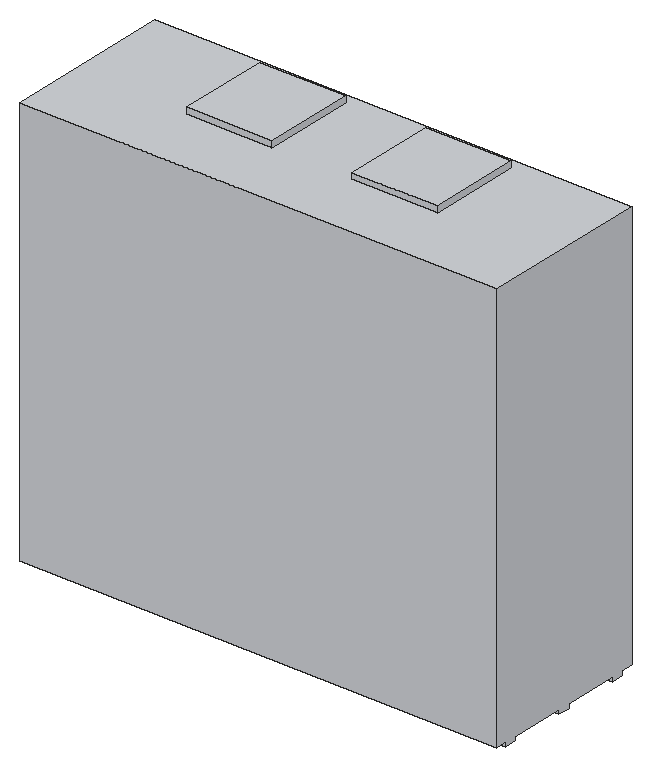
Revit family "M_WSHP - Vertical - 46-88 kW - Retorno traseiro - Descarga superior", category Equipamento mecânico, Revit 2019
Family settings
  Cota do conector redondo = Usar raio
  Tipo de parte = Normal
  Número OmniClass = 23.75.10.21.17
  Título OmniClass = Water-Source Heat Pumps
  ID de item do Seek = WSHP - Vertical - 46-88 kW - Rear Return - Top Discharge-0000-CAN-ENU
  Com base no plano de trabalho = Não
  Sempre na vertical = Sim
  Corte com vazios quando carregada = Não
  Compartilhado = Não
  Ponto de cálculo do ambiente = Não
Parameters (values of type "46 kW")
  Raio do fornecimento de água = 20 mm
  Diâmetro do fornecimento de água = Raio do fornecimento de água * 2  # 40 mm
  Raio do retorno da água = 20 mm
  Diâmetro do retorno da água = Raio do retorno da água * 2  # 40 mm
  Queda de pressão da água [instance] = 64810.7 Pa
  Fluxo da água [instance] = 2.33 L/s
  Voltagem = 460 V
  Largura do ar de fornecimento = 375 mm
  Altura do ar de fornecimento = 400 mm
  Largura do ar de retorno = 900 mm
  Altura do ar de retorno = 600 mm
  Largura da bomba = 736.6 mm
  Material da bomba = none
  Comprimento da bomba = 2082.8 mm
  Altura da bomba = 1816.1 mm
  Número de pólos = 3
  Classificação de carga = Refrigeração
  Fluxo da drenagem [instance] = 0.0 L/s
  Fluxo de ar 1 [instance] = Fluxo de ar / 2  # 1227.07 L/s
  Distância 1 = 350.5 mm
  Raio da condensação = 15 mm
  Diâmetro da condensação = Raio da condensação * 2  # 30 mm
  C8 Deslocamento 2 = 53.4 mm
  C8 Deslocamento 1 = 25.4 mm
  C6 Deslocamento 2 = 574.1 mm
  C6 Deslocamento 1 = 78.8 mm
  C4 Deslocamento 1 = 492.7 mm
  C3 Deslocamento 1 = 368.3 mm
  C2 Deslocamento 1 = 101.6 mm
  C1 Deslocamento 2 = 520.7 mm
  C1 Deslocamento 1 = 187.9 mm
  Carga aparente = 11132 VA
  Pressão estática externa [instance] = 248.84 Pa
  Fluxo de ar [instance] = 2454.13 L/s
Types (5, lengths in mm): name | Queda de pressão da água | Fluxo da água | Largura do ar de fornecimento | Fluxo de ar 1 | Distância 1 | C4 Deslocamento 1 | Carga aparente | Pressão estática externa | Fluxo de ar
  (no name) | 64810.7 Pa | 2.33 L/s | 375 | 1227.07 L/s | 350.5 | 492.7 | 11132 VA | 248.84 Pa | 2454.13 L/s
  46 kW | 64810.7 Pa | 2.33 L/s | 375 | 1227.07 L/s | 350.5 | 492.7 | 11132 VA | 248.84 Pa | 2454.13 L/s
  60 kW | 76531.8 Pa | 3.03 L/s | 475 | 1651.82 L/s | 566.4 | 147.3 | 17296 VA | 373.26 Pa | 3303.63 L/s
  70 kW | 100663.4 Pa | 3.79 L/s | 475 | 1982.18 L/s | 566.4 | 147.3 | 18768 VA | 373.26 Pa | 3964.36 L/s
  88 kW | 88942.4 Pa | 4.73 L/s | 475 | 2123.76 L/s | 561.4 | 147.3 | 21896 VA | 298.61 Pa | 4247.53 L/s
Reference planes
  plane 1 "Centro (Frente/Trás)": y = 0
  plane 2: z = 0
  plane 3 "Centro (Esquerda/Direita)": x = 0
  plane 4: y = 736.6
  plane 5: x = 2082.8
  plane 6: z = 19.05
  plane 7: z = 1816.1
  plane 8: y = 101.6
  plane 9: y = 187.9
  plane 10: y = 368.3
  plane 11: z = 539.75
  plane 12: x = -25.4
  plane 13: z = 72.45
  plane 14: x = 2057.4
  plane 15: x = 492.7
  plane 16: x = 867.7
  plane 17: x = 1218.2
  plane 18: x = 1593.2
  plane 19: y = 692.15
  plane 20: y = 292.15
  plane 21: z = 1841.5
  plane 22: z = 1242
  plane 23: z = 642
  plane 24: x = 78.8
  plane 25: x = 978.8
  plane 26: x = 1138.82
  plane 27: x = 2038.82
  plane 28: y = 762
  plane 29: y = 368.3
  plane 30: y = 393.7
  plane 31: y = 342.9
  plane 32: y = 685.8
  plane 33: y = 635
  plane 34: y = 50.8
  plane 35: y = 101.6
Forms (mm)
  Extrusion 1, solid, material <- "Material da bomba"
    sketch origin (0, 0, 0) x (1, 0, 0) y (0, 1, 0)
      loop
        line (0, 736.6) -> (0, 0) -> (2082.8, 0) -> (2082.8, 736.6) -> (0, 736.6)
    from 19.05 to 1816.1
  Extrusion 2, solid, material <- "Material da bomba"
    sketch origin (0, 0, 0) x (0, 1, 0) y (0, 0, 1)
      loop
        circle (101.6, 539.75) r 20
    from -25.4 to 0
  Extrusion 3, solid, material <- "Material da bomba"
    sketch origin (0, 0, 0) x (0, 1, 0) y (0, 0, 1)
      loop
        circle (187.9, 539.75) r 20
    from -25.4 to 0
  Extrusion 4, solid, material <- "Material da bomba"
    sketch origin (0, 0, 0) x (0, 1, 0) y (0, 0, 1)
      loop
        circle (368.3, 539.75) r 15
    from -25.4 to 0
  Extrusion 5, solid, material <- "Material da bomba"
    sketch origin (0, 0, 0) x (1, 0, 0) y (0, 0, 1)
      loop
        circle (2057.4, 72.45) r 12.7
    from -25.4 to 0
  Extrusion 6, solid, material <- "Material da bomba"
    sketch origin (0, 0, 0) x (1, 0, 0) y (0, 1, 0)
      loop
        line (492.7, 692.15) -> (492.7, 292.15) -> (867.7, 292.15) -> (867.7, 692.15) -> (492.7, 692.15)
      loop
        line (1218.2, 692.15) -> (1218.2, 292.15) -> (1593.2, 292.15) -> (1593.2, 692.15) -> (1218.2, 692.15)
    from 1816.1 to 1841.5
  Extrusion 7, solid, material <- "Material da bomba"
    sketch origin (0, 0, 0) x (1, 0, 0) y (0, 0, 1)
      loop
        line (78.8, 1242) -> (78.8, 642) -> (978.8, 642) -> (978.8, 1242) -> (78.8, 1242)
      loop
        line (1138.82, 1242) -> (1138.82, 642) -> (2038.82, 642) -> (2038.82, 1242) -> (1138.82, 1242)
    from -762 to -736.6
  Extrusion 8, solid, material <- "Material da bomba"
    sketch origin (0, 0, 0) x (1, 0, 0) y (0, 1, 0)
      loop
        line (0, 685.8) -> (0, 635) -> (2082.8, 635) -> (2082.8, 685.8) -> (0, 685.8)
      loop
        line (0, 393.7) -> (0, 342.9) -> (2082.8, 342.9) -> (2082.8, 393.7) -> (0, 393.7)
      loop
        line (0, 101.6) -> (0, 50.8) -> (2082.8, 50.8) -> (2082.8, 101.6) -> (0, 101.6)
    from 0 to 19.05
Cuts and joins
  joined: Extrusion 1, Extrusion 2, Extrusion 3, Extrusion 4, Extrusion 5, Extrusion 6, Extrusion 7, Extrusion 8
Dimensions and locks
  locked: plane 6 to level at 19.05
  "Altura da bomba": plane 7 to level
  "Comprimento da bomba": plane 3 "Centro (Esquerda/Direita)" to plane 5
  "C2 Deslocamento 1": plane 8 to plane 1 "Centro (Frente/Trás)"
  "C1 Deslocamento 1": plane 9 to plane 1 "Centro (Frente/Trás)"
  "C3 Deslocamento 1": plane 10 to plane 1 "Centro (Frente/Trás)"
  "C1 Deslocamento 2": plane 11 to plane 6
  locked: plane 12 to plane 3 "Centro (Esquerda/Direita)" at 25.4
  "C8 Deslocamento 1": plane 14 to plane 5
  "C8 Deslocamento 2": plane 13 to plane 6
  "Largura da bomba": plane 4 to plane 1 "Centro (Frente/Trás)"
  "C4 Deslocamento 1": plane 3 "Centro (Esquerda/Direita)" to plane 15
  "Largura do ar de fornecimento": plane 15 to plane 16
  "Distância 1": plane 16 to plane 17
  "Largura do ar de fornecimento": plane 17 to plane 18
  locked: plane 4 to plane 19 at 44.45
  "Altura do ar de fornecimento": plane 19 to plane 20
  locked: plane 21 to plane 7 at 25.4
  "C6 Deslocamento 2": plane 7 to plane 22
  "Altura do ar de retorno": plane 22 to plane 23
  "C6 Deslocamento 1": plane 24 to plane 3 "Centro (Esquerda/Direita)"
  "Largura do ar de retorno": plane 25 to plane 24
  locked: plane 26 to plane 25 at 160.02
  "Largura do ar de retorno": plane 27 to plane 26
  locked: plane 28 to plane 4 at 25.4
  equal spacing: plane 4, plane 29, plane 1 "Centro (Frente/Trás)"
  locked: plane 30 to plane 31 at 50.8
  equal spacing: plane 30, plane 29, plane 31
  locked: plane 4 to plane 32 at 50.8
  locked: plane 32 to plane 33 at 50.8
  locked: plane 34 to plane 35 at 50.8
  locked: plane 1 "Centro (Frente/Trás)" to plane 34 at 50.8
  "Raio do retorno da água": radius of Extrusion 2 sketch curve
  "Raio do fornecimento de água": radius of Extrusion 3 sketch curve
  "Raio da condensação": radius of Extrusion 4 sketch curve
  aligned and locked: plane 3 "Centro (Esquerda/Direita)" to Extrusion 1 sketch curve
  aligned and locked: Extrusion 1 sketch curve to plane 4
  aligned and locked: plane 1 "Centro (Frente/Trás)" to Extrusion 1 sketch curve
  aligned and locked: Extrusion 1 sketch curve to plane 5
  aligned and locked: Extrusion 1 to plane 7
  aligned and locked: Extrusion 1 to plane 6
  aligned and locked: plane 11 to Extrusion 2 sketch curve
  aligned and locked: plane 8 to Extrusion 2 sketch curve
  aligned and locked: plane 9 to Extrusion 3 sketch curve
  aligned and locked: plane 11 to Extrusion 3 sketch curve
  aligned and locked: plane 11 to Extrusion 4 sketch curve
  aligned and locked: plane 10 to Extrusion 4 sketch curve
  aligned and locked: plane 12 to Extrusion 2
  aligned and locked: plane 3 "Centro (Esquerda/Direita)" to Extrusion 2
  aligned and locked: Extrusion 3 to Extrusion 2
  aligned and locked: plane 3 "Centro (Esquerda/Direita)" to Extrusion 3
  aligned and locked: Extrusion 4 to Extrusion 2
  aligned and locked: plane 3 "Centro (Esquerda/Direita)" to Extrusion 4
  aligned and locked: plane 13 to Extrusion 5 sketch curve
  aligned and locked: plane 14 to Extrusion 5 sketch curve
  aligned and locked: Extrusion 1 to Extrusion 5
  aligned and locked: plane 15 to Extrusion 6 sketch curve
  aligned and locked: Extrusion 6 sketch curve to plane 19  (x2)
  aligned and locked: plane 20 to Extrusion 6 sketch curve  (x2)
  aligned and locked: Extrusion 6 sketch curve to plane 16
  aligned and locked: plane 17 to Extrusion 6 sketch curve  (x2)
  aligned and locked: Extrusion 6 sketch curve to plane 18
  aligned and locked: plane 21 to Extrusion 6
  aligned and locked: Extrusion 6 to plane 7
  aligned and locked: plane 24 to Extrusion 7 sketch curve
  aligned and locked: Extrusion 7 sketch curve to plane 22  (x2)
  aligned and locked: plane 23 to Extrusion 7 sketch curve  (x2)
  aligned and locked: Extrusion 7 sketch curve to plane 25
  aligned and locked: plane 26 to Extrusion 7 sketch curve  (x2)
  aligned and locked: Extrusion 7 sketch curve to plane 27
  aligned and locked: plane 28 to Extrusion 7
  aligned and locked: Extrusion 7 to plane 4
  aligned and locked: Extrusion 8 sketch curve to plane 32
  aligned and locked: plane 33 to Extrusion 8 sketch curve
  aligned and locked: plane 3 "Centro (Esquerda/Direita)" to Extrusion 8 sketch curve  (x2)
  aligned and locked: Extrusion 8 sketch curve to plane 5  (x2)
  aligned and locked: Extrusion 8 sketch curve to plane 34
  aligned and locked: plane 35 to Extrusion 8 sketch curve
  aligned and locked: Extrusion 8 sketch curve to Extrusion 1
  aligned and locked: Extrusion 8 sketch curve to plane 30
  aligned and locked: plane 31 to Extrusion 8 sketch curve
  aligned and locked: Extrusion 8 to plane 2
  aligned and locked: Extrusion 8 to plane 6
Automatic sketch dimensions
  Extrusion 8 sketch curve to plane 3 "Centro (Esquerda/Direita)" = 0 mm
  radius of Extrusion 5 sketch curve = 12.7 mm
Connectors
  piping at (-25.4, 187.9, 539.75), diameter 40, driven by "Raio do fornecimento de água", driven by "Fluxo da água"
    settings: on Extrusion 3, index 1, connector inside diameter 40 mm, connector length 0 mm, flow factor 0, pipe flow 2.33 L/s, pressure drop 0.0 Pa, fitting loss kfactor 0, connector angle 0.00°, fixture units 0, engagement length 0 mm, angle of deflection 0.00°, flow configuration 1, flow direction 1, fitting loss method 4, system type 7, joint type 0, gender type 0, connector reference index 2, connector utility 0, adjustable connector no, is connector primary yes, connector description "Entrada do fornecimento de água"
  piping at (-25.4, 101.6, 539.75), diameter 40, driven by "Fluxo da água", driven by "Queda de pressão da água", driven by "Raio do retorno da água"
    settings: on Extrusion 2, index 2, connector inside diameter 40 mm, connector length 0 mm, flow factor 0, pipe flow 2.33 L/s, pressure drop 64810.7 Pa, fitting loss kfactor 0, connector angle 0.00°, fixture units 0, engagement length 0 mm, angle of deflection 0.00°, flow configuration 1, flow direction 2, fitting loss method 4, system type 8, joint type 0, gender type 0, connector reference index 1, connector utility 0, adjustable connector no, is connector primary no, connector description "Saída do retorno da água"
  piping at (-25.4, 368.3, 539.75), diameter 30, driven by "Raio da condensação", driven by "Fluxo da drenagem"
    settings: on Extrusion 4, index 3, connector inside diameter 30 mm, connector length 0 mm, flow factor 0, pipe flow 0.0 L/s, pressure drop 0.0 Pa, fitting loss kfactor 0, connector angle 0.00°, fixture units 0, engagement length 0 mm, angle of deflection 0.00°, flow configuration 1, flow direction 2, fitting loss method 0, system type 16, joint type 0, gender type 0, connector reference index -1, connector utility 0, adjustable connector yes, is connector primary no, connector description "Saída de condensação"
  hvac at (680.2, 492.15, 1841.5), driven by "Fluxo de ar 1", driven by "Altura do ar de fornecimento", driven by "Largura do ar de fornecimento"
    settings: on Extrusion 6, index 4, duct flow 1227.07 L/s, flow factor 0, pres drop 298.608 Pa, loss coef 0, conn angle 0.00°, conn width 375 mm, conn height 400 mm, conn diameter 609.6 mm, duct sys type 1, conn prof type 1, flow config 0, flow direction 2, loss method 0, conn ref index -1, conn util no, is conn primary yes, conn desc ""
  hvac at (1405.7, 492.15, 1841.5), driven by "Fluxo de ar 1", driven by "Altura do ar de fornecimento", driven by "Largura do ar de fornecimento"
    settings: on Extrusion 6, index 5, duct flow 1227.07 L/s, flow factor 0, pres drop 298.608 Pa, loss coef 0, conn angle 0.00°, conn width 375 mm, conn height 400 mm, conn diameter 609.6 mm, duct sys type 1, conn prof type 1, flow config 0, flow direction 2, loss method 0, conn ref index -1, conn util no, is conn primary no, conn desc ""
  hvac at (528.8, 762, 942), driven by "Fluxo de ar 1", driven by "Altura do ar de retorno", driven by "Largura do ar de retorno"
    settings: on Extrusion 7, index 6, duct flow 1227.07 L/s, flow factor 0, pres drop 0.0 Pa, loss coef 0, conn angle 0.00°, conn width 900 mm, conn height 600 mm, conn diameter 609.6 mm, duct sys type 2, conn prof type 1, flow config 0, flow direction 1, loss method 0, conn ref index -1, conn util no, is conn primary no, conn desc ""
  hvac at (1588.82, 762, 942), driven by "Fluxo de ar 1", driven by "Altura do ar de retorno", driven by "Largura do ar de retorno"
    settings: on Extrusion 7, index 7, duct flow 1227.07 L/s, flow factor 0, pres drop 0.0 Pa, loss coef 0, conn angle 0.00°, conn width 900 mm, conn height 600 mm, conn diameter 609.6 mm, duct sys type 2, conn prof type 1, flow config 0, flow direction 1, loss method 0, conn ref index -1, conn util no, is conn primary no, conn desc ""
  electrical at (2057.4, 0, 72.45), driven by "Carga aparente", driven by "Voltagem", driven by "Número de pólos", driven by "Classificação de carga"
    settings: on Extrusion 5, index 8, voltage 460 V, apparent load 11132 VA, apparent load phase1 0 VA, apparent load phase2 0 VA, apparent load phase3 0 VA, power factor 0.8, load classification "Refrigeração", number of poles 3, system type 30, power factor state 1, is connector primary yes, connector utility no, sub classification motor no, connector description ""
